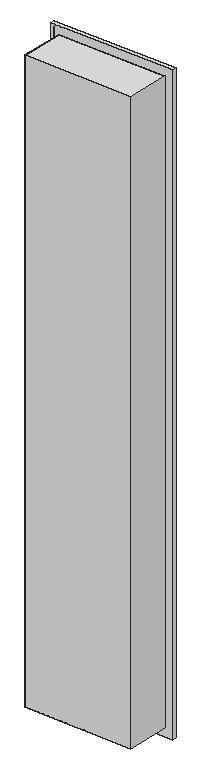
Revit family "DWCB0013_revit", category Generic Models, host Wall, Revit 2017
Family settings
  Host = Wall
  Can host rebar = No
  Round Connector Dimension = Use Diameter
  Part Type = Normal
  Always vertical = Yes
  Cut with Voids When Loaded = No
  Shared = No
  Room Calculation Point = No
Parameters (values of type "Type 1")
  Website = "https://dolphy.in/"  # constant formula
  Contact number = "+91 9520202035"  # constant formula
  Contact email = "info@dolphy.in"  # constant formula
  Company name = "Dolphy India"  # constant formula
Reference planes
  plane 1 "Wall": y = 0
  plane 2 "Center (Left/Right)": x = 125
  plane 3 "Back": y = 75
Forms (mm)
  Extrusion 1, void
    sketch origin (0, 0, 0) x (1, 0, 0) y (0, 0, 1)
      loop
        line (267.532, 1677.5) -> (-25.077, 1677.5) -> (-25.077, 22.5) -> (267.532, 22.5) -> (267.532, 1677.5)
    from -75 to 45
Text (mm)
  text "Placement Side" at (-1848.837, 1116.779, 0), in view "Ref. Level"
  text "Placement side" at (0, 1409.804, 2854.306), in view "Left"
  text "Placement side" at (0, 499.811, 2980.732), in view "Right"
Dimensions and locks
  locked: plane 3 "Back" to host wall
  level to Extrusion 1 = 1677.5 mm
  aligned and locked: plane 1 "Wall" to host wall
  aligned and locked: nested 1 to plane 2 "Center (Left/Right)"
  aligned and locked: nested 1 to plane 3 "Back"
  aligned and locked: host wall to Extrusion 1
  aligned and locked: Extrusion 1 to nested 1  (x5)
Nested families
  nested 1: "21 L Stainless Steel Recessed Panel With Waste Bin_IN" at (125, 75, 0) x (-1, 0, 0) z (0, 0, 1), type "21 L Stainless Steel Recessed Panel With Waste Bin_IN"
Definition of nested family "21 L Stainless Steel Recessed Panel With Waste Bin_IN"
  Parameters (values of type "21 L Stainless Steel Recessed Panel With Waste Bin_IN")
    Website = "https://dolphy.in/"  # constant formula
    M&L = none
    Default Elevation = 1219.2 mm
    Contact number = "+91 9520202035"  # constant formula
    Contact email = "info@dolphy.in"  # constant formula
    Company = "Dolphy India"  # constant formula
  Reference planes
    plane 1 "Center (Front/Back)": y = 0
    plane 2: z = 0
    plane 3 "Center (Left/Right)": x = 0
    plane 4: z = 728.81
    plane 5: x = 0
  Forms (mm)
    Sweep 1, solid, material <- "M&L"
      path in 3D
        loop
          line (137.468, 1.2, 1425) -> (-142.532, 1.2, 1425)
      profile origin (-2.532, 1.2, 1425) x (0, 1, 0) y (0, 0, -1)
        loop
          line (0, 0) -> (1.274, -2.22) -> (54.352, 50.859) -> (52.606, 52.606) -> (0, 0)
    Extrusion 2, void
      sketch origin (137.468, 55.552, 1374.141) x (1, 0, 0) y (0, -0.707107, 0.707107)
        loop
          line (-22.656, 45.406) -> (-50.305, 45.406)
          arc (-50.305, 45.406) -> (-66.177, 46.65) -> (-81.662, 50.351) r 101.901
          arc (-81.662, 50.351) -> (-122.67, 57.385) -> (-163.997, 52.571) r 146.059
          arc (-163.997, 52.571) -> (-191.285, 47.205) -> (-219.037, 45.406) r 215
          line (-219.037, 45.406) -> (-230.557, 45.406)
          arc (-230.557, 45.406) -> (-233.057, 42.906) -> (-230.557, 40.406) r 2.5
          line (-230.557, 40.406) -> (-196.933, 40.406)
          arc (-196.933, 40.406) -> (-185.814, 39.717) -> (-174.866, 37.659) r 90
          arc (-174.866, 37.659) -> (-131.214, 31.705) -> (-87.331, 35.61) r 196.825
          arc (-87.331, 35.61) -> (-63.655, 39.204) -> (-39.737, 40.406) r 238.509
          line (-39.737, 40.406) -> (-22.656, 40.406)
          arc (-22.656, 40.406) -> (-20.156, 42.906) -> (-22.656, 45.406) r 2.5
      from 0 to 250
    Extrusion 3, solid, material <- "M&L"
      sketch origin (-163.795, 1.2, 0) x (-1, 0, 0) y (0, 0, 1)
        loop
          line (-305, 1526.936) -> (-305, 1236.159) -> (-25, 1236.159) -> (-25, 1526.936) -> (-305, 1526.936)
        loop
          line (-304.2, 1526.159) -> (-304.2, 1237.315) -> (-25.8, 1237.315) -> (-25.8, 1526.159) -> (-304.2, 1526.159)
      from 2.46 to 110
    Extrusion 4, solid, material <- "M&L"
      sketch origin (-163.795, 111.2, 0) x (-1, 0, 0) y (0, 0, 1)
        loop
          line (-25, 1526.936) -> (-305, 1526.936) -> (-305, 1236.159) -> (-25, 1236.159) -> (-25, 1526.936)
      from 0 to 0.8
    Extrusion 5, solid, material <- "M&L"
      sketch origin (-164.923, -11.2, 0) x (1, 0, 0) y (0, 0, 1)
        loop
          line (-7.577, 0) -> (337.423, 0) -> (337.423, 1700) -> (-7.577, 1700) -> (-7.577, 0)
      from 0 to 1.2
    Extrusion 6, solid, material <- "M&L"
      sketch origin (-164.923, -11.2, 0) x (-1, 0, 0) y (0, 0, 1)
        loop
          line (7.577, 1700) -> (-337.423, 1700) -> (-337.423, 0) -> (7.577, 0) -> (7.577, 1700)
        loop
          line (-1.2, 1694.603) -> (-328.8, 1694.603) -> (-328.8, 4.92) -> (-1.2, 4.92) -> (-1.2, 1694.603)
      from 0 to 10
    Extrusion 7, solid, material <- "M&L"
      sketch origin (-164.923, -1.2, 0) x (-1, 0, 0) y (0, 0, 1)
        loop
          line (7.577, 1700) -> (-337.423, 1700) -> (-337.423, 0) -> (7.577, 0) -> (7.577, 1700)
        loop
          line (-315, 1675) -> (-315, 25) -> (-15, 25) -> (-15, 1675) -> (-315, 1675)
      from 0 to 1.2
    Extrusion 8, void
      sketch origin (-164.923, -12.4, 0) x (-1, 0, 0) y (0, 0, 1)
        loop
          line (-55, 1425) -> (-275, 1425)
          arc (-275, 1425) -> (-282.071, 1422.071) -> (-285, 1415) r 10
          line (-285, 1415) -> (-285, 1285)
          arc (-285, 1285) -> (-282.071, 1277.929) -> (-275, 1275) r 10
          line (-275, 1275) -> (-55, 1275)
          arc (-55, 1275) -> (-47.929, 1277.929) -> (-45, 1285) r 10
          line (-45, 1285) -> (-45, 1415)
          arc (-45, 1415) -> (-47.929, 1422.071) -> (-55, 1425) r 10
        loop
          line (-55, 900) -> (-275, 900)
          arc (-275, 900) -> (-282.071, 897.071) -> (-285, 890) r 10
          line (-285, 890) -> (-285, 760)
          arc (-285, 760) -> (-282.071, 752.929) -> (-275, 750) r 10
          line (-275, 750) -> (-55, 750)
          arc (-55, 750) -> (-47.929, 752.929) -> (-45, 760) r 10
          line (-45, 760) -> (-45, 890)
          arc (-45, 890) -> (-47.929, 897.071) -> (-55, 900) r 10
        loop
          line (-55, 650) -> (-275, 650)
          arc (-275, 650) -> (-282.071, 647.071) -> (-285, 640) r 10
          line (-285, 640) -> (-285, 510)
          arc (-285, 510) -> (-282.071, 502.929) -> (-275, 500) r 10
          line (-275, 500) -> (-55, 500)
          arc (-55, 500) -> (-47.929, 502.929) -> (-45, 510) r 10
          line (-45, 510) -> (-45, 640)
          arc (-45, 640) -> (-47.929, 647.071) -> (-55, 650) r 10
      from 0 to 1.2
    Sweep 9, solid, material <- "M&L"
      path in 3D
        loop
          arc (-108.795, -10, 650) -> (-115.867, -10, 647.071) -> (-118.795, -10, 640) r 10
          line (-118.795, -10, 640) -> (-118.795, -10, 510)
          arc (-118.795, -10, 510) -> (-115.867, -10, 502.929) -> (-108.795, -10, 500) r 10
          line (-108.795, -10, 500) -> (111.205, -10, 500)
          arc (111.205, -10, 500) -> (118.276, -10, 502.929) -> (121.205, -10, 510) r 10
          line (121.205, -10, 510) -> (121.205, -10, 640)
          arc (121.205, -10, 640) -> (118.276, -10, 647.071) -> (111.205, -10, 650) r 10
          line (111.205, -10, 650) -> (-108.795, -10, 650)
      profile origin (1.205, -10, 650) x (0, 1, 0) y (0, 0, -1)
        loop
          line (0, 0) -> (0, -0.975) -> (2.46, -0.975) -> (2.46, 0) -> (0, 0)
    Extrusion 10, solid, material <- "M&L"
      sketch origin (-164.923, -11.2, 0) x (-1, 0, 0) y (0, 0, 1)
        loop
          line (-305, 670) -> (-305, 55.978) -> (-25, 55.978) -> (-25, 670) -> (-305, 670)
        loop
          line (-304.2, 669.2) -> (-304.2, 56.778) -> (-25.8, 56.778) -> (-25.8, 669.2) -> (-304.2, 669.2)
      from 15.375 to 110
    Extrusion 11, solid, material <- "M&L"
      sketch origin (-164.923, 98.8, 0) x (-1, 0, 0) y (0, 0, 1)
        loop
          line (-25, 670) -> (-305, 670) -> (-305, 55.978) -> (-25, 55.978) -> (-25, 670)
      from 0 to 0.8
    Sweep 12, solid, material <- "M&L"
      path in 3D
        loop
          arc (121.205, -10, 890) -> (118.276, -10, 897.071) -> (111.205, -10, 900) r 10
          line (111.205, -10, 900) -> (-108.795, -10, 900)
          arc (-108.795, -10, 900) -> (-115.867, -10, 897.071) -> (-118.795, -10, 890) r 10
          line (-118.795, -10, 890) -> (-118.795, -10, 760)
          arc (-118.795, -10, 760) -> (-115.867, -10, 752.929) -> (-108.795, -10, 750) r 10
          line (-108.795, -10, 750) -> (111.205, -10, 750)
          arc (111.205, -10, 750) -> (118.276, -10, 752.929) -> (121.205, -10, 760) r 10
          line (121.205, -10, 760) -> (121.205, -10, 890)
      profile origin (121.205, -10, 825) x (0, 1, 0) y (-1, 0, 0)
        loop
          line (0, 0) -> (0, -1.19) -> (2.375, -1.19) -> (2.375, 0) -> (0, 0)
    Extrusion 13, solid, material <- "M&L"
      sketch origin (-164.923, -11.2, 0) x (-1, 0, 0) y (0, 0, 1)
        loop
          line (-305, 1000.846) -> (-305, 728.81) -> (-25, 728.81) -> (-25, 1000.846) -> (-305, 1000.846)
        loop
          line (-304.2, 1000.046) -> (-304.2, 729.61) -> (-25.8, 729.61) -> (-25.8, 1000.046) -> (-304.2, 1000.046)
      from 3.073 to 110
    Extrusion 14, solid, material <- "M&L"
      sketch origin (-108.795, -10, 500) x (1, 0, 0) y (0, 1, 0)
        loop
          line (247.085, 2.46) -> (247.085, 122.46) -> (-37.915, 122.46) -> (-37.915, 2.46) -> (247.085, 2.46)
        loop
          line (22.085, 85.375) -> (22.085, 15.375) -> (197.085, 15.375) -> (197.085, 85.375) -> (22.085, 85.375)
      from 0 to -2
    Sweep 15, solid, material <- "M&L"
      path origin (0, -9.675, -1.294) x (0, 1, 0) y (0, 0, 1)
        loop
          arc (110, 1000.046) -> (91.331, 859.373) -> (2.375, 748.81) r 263.357
      profile origin (0, 81.656, 858.08) x (0, 0.919208, -0.393772) y (1, 0, 0)
        loop
          line (0, -139.595) -> (1.2, -139.595) -> (1.2, 140.405) -> (0, 140.405) -> (0, -139.595)
    Extrusion 16, solid, material <- "M&L"
      sketch origin (-164.923, 0, 0) x (-1, 0, 0) y (0, 0, 1)
        loop
          line (-314.923, 22.5) -> (-14.923, 22.5) -> (-14.923, 1677.5) -> (-314.923, 1677.5) -> (-314.923, 22.5)
        loop
          line (-314.2, 23.7) -> (-15.8, 23.7) -> (-15.8, 1676.3) -> (-314.2, 1676.3) -> (-314.2, 23.7)
      from 0 to 120
    Extrusion 17, solid, material <- "M&L"
      sketch origin (-164.923, 120, 0) x (-1, 0, 0) y (0, 0, 1)
        loop
          line (-314.2, 1676.3) -> (-314.2, 23.7) -> (-15.8, 23.7) -> (-15.8, 1676.3) -> (-314.2, 1676.3)
      from 0 to -0.8
  Cuts and joins
    Extrusion 2 cuts Sweep 1
    Extrusion 8 cuts Extrusion 4
    Extrusion 8 cuts Extrusion 5
    Extrusion 8 cuts Extrusion 14
    Extrusion 8 cuts Sweep 15
    joined: Sweep 1, Extrusion 3, Extrusion 4, Extrusion 5, Extrusion 6, Extrusion 7, Extrusion 14, Sweep 15, Extrusion 16, Extrusion 17
    Extrusion 8 cuts Sweep 9
    Extrusion 8 cuts Extrusion 11
    Extrusion 8 cuts Sweep 12
  Lines and regions (mm)
    sketch lines
      curve 1: line (137.468, 1.2, 1425) -> (-142.532, 1.2, 1425)
      curve 2: line (111.205, -10, 650) -> (-108.795, -10, 650)
      curve 3: arc (111.205, -10, 650) -> (118.276, -10, 647.071) -> (121.205, -10, 640) r 10
      curve 4: line (121.205, -10, 510) -> (121.205, -10, 640)
      curve 5: arc (121.205, -10, 510) -> (118.276, -10, 502.929) -> (111.205, -10, 500) r 10
      curve 6: line (-108.795, -10, 500) -> (111.205, -10, 500)
      curve 7: arc (-108.795, -10, 500) -> (-115.867, -10, 502.929) -> (-118.795, -10, 510) r 10
      curve 8: line (-118.795, -10, 640) -> (-118.795, -10, 510)
      curve 9: arc (-118.795, -10, 640) -> (-115.867, -10, 647.071) -> (-108.795, -10, 650) r 10
      curve 10: line (121.205, -10, 760) -> (121.205, -10, 890)
      curve 11: arc (121.205, -10, 760) -> (118.276, -10, 752.929) -> (111.205, -10, 750) r 10
      curve 12: line (-108.795, -10, 750) -> (111.205, -10, 750)
      curve 13: arc (-108.795, -10, 750) -> (-115.867, -10, 752.929) -> (-118.795, -10, 760) r 10
      curve 14: line (-118.795, -10, 890) -> (-118.795, -10, 760)
      curve 15: arc (-118.795, -10, 890) -> (-115.867, -10, 897.071) -> (-108.795, -10, 900) r 10
      curve 16: line (111.205, -10, 900) -> (-108.795, -10, 900)
      curve 17: arc (111.205, -10, 900) -> (118.276, -10, 897.071) -> (121.205, -10, 890) r 10
  Dimensions and locks
    Extrusion 2 sketch curve to Sweep 1 = 20.156 mm
    Sweep 1 to Extrusion 2 sketch curve = 42.906 mm
    Extrusion 5 sketch curve to Extrusion 5 sketch curve = 345 mm
    Extrusion 5 sketch curve to Extrusion 5 sketch curve = 1700 mm
    Extrusion 8 sketch curve to Extrusion 8 sketch curve = 240 mm  (x3)
    Extrusion 8 sketch curve to Extrusion 8 sketch curve = 150 mm  (x3)
    Extrusion 6 to Extrusion 8 sketch curve = 500 mm
    Extrusion 8 sketch curve to Extrusion 8 sketch curve = 100 mm
    Extrusion 8 sketch curve to Extrusion 8 sketch curve = 375 mm
    Extrusion 6 to Extrusion 8 sketch curve = 52.577 mm  (x2)
    Extrusion 6 to Extrusion 8 sketch curve = 52.423 mm
    Extrusion 5 to Extrusion 8 sketch curve = 52.423 mm  (x2)
    Extrusion 5 to Extrusion 8 sketch curve = 52.577 mm
    Sweep 9 sketch curve to Sweep 9 sketch curve = 0.975 mm
    Extrusion 10 sketch curve to Extrusion 7 = 32.577 mm
    Extrusion 7 to Extrusion 10 sketch curve = 32.423 mm
    Extrusion 10 sketch curve to Extrusion 11 = 0.8 mm  (x2)
    Extrusion 13 sketch curve to Extrusion 7 = 32.577 mm
    Extrusion 13 sketch curve to Extrusion 7 = 32.423 mm
    Sweep 12 to Extrusion 13 sketch curve = 99.656 mm
    Extrusion 13 sketch curve to Sweep 12 = 20 mm
    Extrusion 14 sketch curve to Extrusion 14 sketch curve = 60 mm
    Extrusion 14 sketch curve to Extrusion 14 sketch curve = 50 mm
    Sweep 15 sketch curve to Sweep 15 sketch curve = 1.2 mm
    Extrusion 16 to Extrusion 16 = 1655 mm
    plane 5 to Extrusion 5 sketch curve = 172.5 mm  (x2)
    cut or joined group 1 (Sweep 1, Extrusion 2, Extrusion 3, Extrusion 4, Extrusion 5, Extrusion 6, Extrusion 7, Extrusion 8, Extrusion 14, Sweep 15, Extrusion 16, Extrusion 17) to cut or joined group 1 = 1655 mm
    cut or joined group 1 to cut or joined group 1 = 345 mm
    cut or joined group 1 to cut or joined group 1 = 1700 mm
    Extrusion 16 sketch curve to Extrusion 16 sketch curve = 1655 mm
    cut or joined group 1 to cut or joined group 1 = 300 mm
    cut or joined group 1 to cut or joined group 1 = 120 mm
    angle Sweep 1 sketch curve to profile plane = 45.00°
    aligned and locked: level to plane 2
    aligned and locked: Extrusion 5 to Extrusion 6 sketch curve
